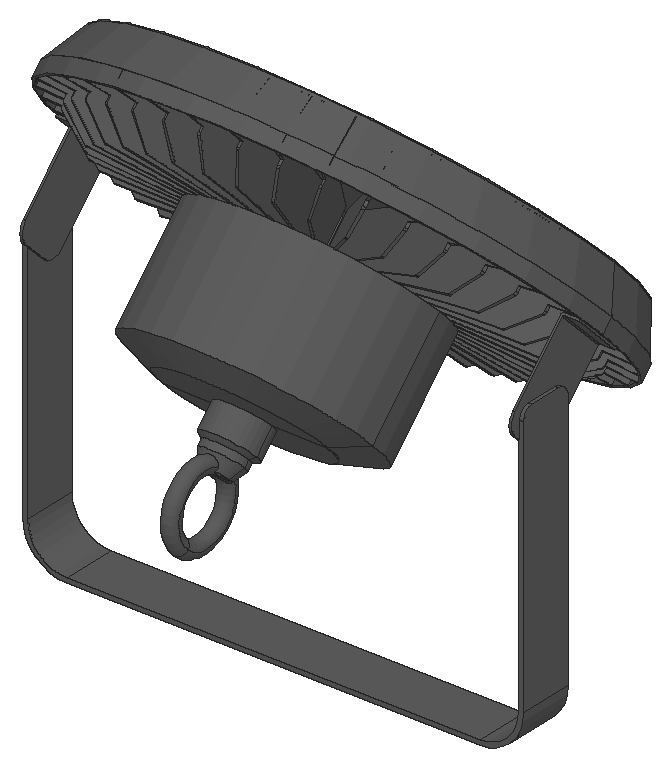
Revit family "0039349+0039355 Feilo Sylvania Lighting Fixture START HIGHBAY 4K 26KLM WIDE with BRACKET", category Lighting Fixtures, host Face, Revit 2017 (continued)
Definition of nested family "Start LED Highbay Head"
  Dimensions and locks
    "EyeInner_FEILO": plane 36 to plane 37
    equal spacing: plane 38, plane 3 "Center (Left/Right)", plane 39
    "EyeThickness_FEILO": plane 38 to plane 39
    "EyeThickness_FEILO": plane 37 to plane 40
    equal spacing: plane 37, plane 41, plane 40
    equal spacing: plane 6, plane 42, plane 18
    "ThicknessBracket_FEILO": plane 45 to plane 6
    "ThicknessBracket_FEILO": plane 8 to plane 44
    locked: plane 43 to plane 18 at 1
    equal spacing: plane 24, plane 46, plane 26
    equal spacing: plane 47, plane 1 "Center (Front/Back)", plane 48
    "WidthBracket_FEILO": plane 47 to plane 48
    "WidthRingChamfer_FEILO": plane 50 to plane 49
    "ThicknessWall_FEILO": plane 51 to plane 49
    equal spacing: plane 50, plane 52, plane 51
    "ThicknessBracket_FEILO": plane 54 to plane 50
    locked: plane 53 to plane 51 at 1
    "Radius_FEILO": plane 49 to plane 3 "Center (Left/Right)"
    "ShadeRadiusOut_FEILO": plane 3 "Center (Left/Right)" to plane 55
    "ShadeHeight_FEILO": plane 56 to plane 4
    "ShadeRadiusIn_FEILO": plane 3 "Center (Left/Right)" to plane 57
    locked: plane 58 to plane 57 at 8
    "ShadeThickness_FEILO": plane 60 to plane 4
    "ShadeThickness_FEILO": plane 59 to plane 55
    "EyeThicknessHalf_FEILO": radius of curve 8
    "ThicknessBracket_FEILO": radius of Extrusion 7 sketch curve  (x2)
    "ThicknessBracketHalf_FEILO": radius of Extrusion 7 sketch curve  (x2)
    "ShadeRadiusBend_FEILO": radius of curve 9
    aligned and locked: plane 2 to Extrusion 1
    aligned and locked: level to Extrusion 1
    aligned and locked: plane 5 to curve 1
    aligned and locked: plane 6 to curve 1
    aligned and locked: plane 7 to curve 1
    aligned and locked: plane 10 to curve 2
    aligned and locked: plane 9 to curve 3
    aligned and locked: plane 4 to curve 3
    aligned and locked: plane 11 to curve 3
    aligned and locked: plane 4 to curve 4
    aligned and locked: plane 18 to curve 5
    aligned and locked: plane 10 to curve 5
    aligned and locked: Revolve 2 sketch curve to plane 3 "Center (Left/Right)"
    aligned and locked: Revolve 2 sketch curve to curve 3
    aligned and locked: Revolve 2 sketch curve to curve 1
    aligned and locked: plane 4 to Revolve 2 sketch curve
    aligned and locked: plane 9 to Revolve 2 sketch curve
    aligned and locked: Revolve 2 sketch curve to plane 13
    aligned and locked: Revolve 2 sketch curve to plane 10
    aligned and locked: plane 13 to Revolve 2 sketch curve
    aligned and locked: plane 10 to Revolve 2 sketch curve
    aligned and locked: Revolve 2 sketch curve to plane 18
    aligned and locked: Revolve 2 sketch curve to plane 8
    aligned and locked: plane 5 to Revolve 2 sketch curve  (x2)
    aligned and locked: Revolve 3 sketch curve to plane 3 "Center (Left/Right)"
    aligned and locked: plane 11 to Revolve 3 sketch curve
    aligned and locked: Revolve 3 sketch curve to curve 2
    aligned and locked: plane 15 to Revolve 3 sketch curve
    aligned and locked: Revolve 3 sketch curve to plane 16
    aligned and locked: plane 17 to Revolve 3 sketch curve  (x2)
    aligned and locked: Revolve 3 sketch curve to plane 12
    aligned and locked: plane 7 to Revolve 3 sketch curve
    aligned and locked: Revolve 4 sketch curve to plane 3 "Center (Left/Right)"
    aligned and locked: Revolve 4 sketch curve to plane 14
    aligned and locked: plane 3 "Center (Left/Right)" to Revolve 4 sketch curve
    aligned and locked: Revolve 4 sketch curve to plane 12
    aligned and locked: plane 15 to Revolve 4 sketch curve
    aligned and locked: Revolve 2 sketch curve to curve 5
    aligned and locked: plane 22 to curve 6
    aligned and locked: plane 21 to curve 6
    aligned and locked: plane 20 to curve 6
    aligned and locked: plane 19 to curve 6
    aligned and locked: plane 33 to curve 7
    aligned and locked: plane 32 to curve 7
    aligned and locked: plane 35 to curve 7
    aligned and locked: plane 34 to curve 7
    aligned and locked: Revolve 5 sketch curve to plane 3 "Center (Left/Right)"
    aligned and locked: Revolve 5 sketch curve to plane 25
    aligned and locked: plane 27 to Revolve 5 sketch curve
    aligned and locked: plane 28 to Revolve 5 sketch curve
    aligned and locked: plane 30 to Revolve 5 sketch curve
    aligned and locked: Revolve 5 sketch curve to plane 29
    aligned and locked: plane 31 to Revolve 5 sketch curve
    aligned and locked: Revolve 5 sketch curve to curve 7
    aligned and locked: Revolve 5 sketch curve to plane 32
    aligned and locked: plane 34 to Revolve 5 sketch curve
    aligned and locked: plane 3 "Center (Left/Right)" to Revolve 5 sketch curve
    aligned and locked: plane 3 "Center (Left/Right)" to curve 8
    aligned and locked: plane 41 to curve 8
    aligned and locked: Revolve 6 sketch curve to plane 36
    aligned and locked: Revolve 6 sketch curve to curve 8
    aligned and locked: plane 43 to Extrusion 7 sketch curve  (x2)
    aligned and locked: plane 8 to Extrusion 7 sketch curve  (x3)
    aligned and locked: Extrusion 7 sketch curve to plane 45
    aligned and locked: Extrusion 7 sketch curve to plane 46  (x2)
    aligned and locked: plane 6 to Extrusion 7 sketch curve
    aligned and locked: Extrusion 7 sketch curve to plane 44  (x2)
    aligned and locked: Extrusion 7 to plane 48
    aligned and locked: plane 47 to Extrusion 7
    aligned and locked: plane 53 to Extrusion 7 sketch curve
    aligned and locked: plane 50 to Extrusion 7 sketch curve
    aligned and locked: Extrusion 7 sketch curve to plane 54
    aligned and locked: Extrusion 8 sketch curve to Extrusion 8 sketch curve
    aligned and locked: Extrusion 8 to plane 6
    aligned and locked: Extrusion 8 to Extrusion 7
    aligned and locked: Revolve 5 sketch curve to plane 22
    aligned and locked: plane 23 to nested 1
    aligned and locked: plane 1 "Center (Front/Back)" to nested 1
    aligned and locked: Revolve 9 sketch curve to plane 3 "Center (Left/Right)"
    aligned and locked: Revolve 9 sketch curve to plane 4
    aligned and locked: plane 6 to Revolve 9 sketch curve
    aligned and locked: plane 4 to Revolve 9 sketch curve
    aligned and locked: plane 7 to Revolve 9 sketch curve
    aligned and locked: Revolve 9 sketch curve to plane 5
    aligned and locked: plane 8 to Revolve 9 sketch curve  (x2)
    aligned and locked: Revolve 9 sketch curve to plane 19
    aligned and locked: plane 20 to Revolve 9 sketch curve
    aligned and locked: plane 19 to Revolve 9 sketch curve
    aligned and locked: plane 21 to Revolve 9 sketch curve
    aligned and locked: plane 22 to Revolve 9 sketch curve  (x2)
    aligned and locked: Revolve 9 sketch curve to Revolve 9 sketch curve
    aligned and locked: imposter light to plane 4
    aligned and locked: plane 3 "Center (Left/Right)" to imposter light
    aligned and locked: imposter light to plane 1 "Center (Front/Back)"
    aligned and locked: plane 55 to curve 9
    aligned and locked: plane 56 to curve 9
    aligned and locked: plane 57 to curve 9
    aligned and locked: plane 4 to curve 9
    aligned and locked: Revolve 10 sketch curve to curve 9
    aligned and locked: plane 58 to Revolve 10 sketch curve
    aligned and locked: plane 57 to Revolve 10 sketch curve
    aligned and locked: plane 56 to Revolve 10 sketch curve  (x2)
    aligned and locked: Revolve 10 sketch curve to plane 58
    aligned and locked: plane 60 to Revolve 10 sketch curve
  Automatic sketch dimensions
    Extrusion 1 sketch curve to Extrusion 1 sketch curve = 2438.4 mm  (x2)
    Revolve 2 sketch curve to plane 6 = 0.299 mm
    plane 6 to Revolve 2 sketch curve = 0.459 mm
    Revolve 2 sketch curve to level = 609.6 mm
    Revolve 2 sketch curve to Revolve 2 sketch curve = 2312.223 mm
    Revolve 3 sketch curve to plane 12 = 0 mm
    Revolve 3 sketch curve to plane 3 "Center (Left/Right)" = 0 mm
    Revolve 3 sketch curve to level = 609.6 mm
    Revolve 3 sketch curve to plane 4 = 2339.058 mm
    Revolve 4 sketch curve to level = 609.6 mm
    Revolve 4 sketch curve to plane 4 = 2339.058 mm
    Revolve 6 sketch curve to plane 5 = 1080 mm
    plane 38 to Revolve 6 sketch curve = 1219.2 mm
    Extrusion 8 sketch curve to plane 47 = 0 mm
    plane 46 to Extrusion 8 sketch curve = 0 mm  (x2)
    Extrusion 8 sketch curve to plane 48 = 0 mm
    plane 47 to Extrusion 8 sketch curve = 5 mm
    plane 1 "Center (Front/Back)" to Extrusion 8 sketch curve = 10 mm
    Extrusion 8 sketch curve to Extrusion 8 sketch curve = 10 mm
    plane 46 to Extrusion 8 sketch curve = 5 mm
    Extrusion 8 sketch curve to Extrusion 8 sketch curve = 5 mm
    Extrusion 8 sketch curve to plane 48 = 5 mm
    Revolve 5 sketch curve to plane 26 = 0 mm
    Revolve 5 sketch curve to plane 35 = 0.437 mm
    plane 35 to Revolve 5 sketch curve = 0.847 mm
    Revolve 5 sketch curve to plane 34 = 0.726 mm
    plane 40 to Revolve 5 sketch curve = 590.2 mm
    Revolve 5 sketch curve to plane 4 = 2339.058 mm
    Revolve 9 sketch curve to level = 609.6 mm
    Revolve 9 sketch curve to Revolve 9 sketch curve = 2386.058 mm
    curve 2 to plane 3 "Center (Left/Right)" = 0 mm
    Revolve 10 sketch curve to Revolve 10 sketch curve = 0 mm  (x2)
    Revolve 10 sketch curve to plane 3 "Center (Left/Right)" = 0 mm
    plane 57 to Revolve 10 sketch curve = 0.659 mm
    Revolve 10 sketch curve to level = 609.6 mm
    Revolve 10 sketch curve to Revolve 10 sketch curve = 2068.248 mm
  Nested families
    nested 1: "Start Highbay Rib" at (0, 0, 67.775), type "Type Name", detail levels medium+fine
      with SuspensionHeight_FEILO 2.6 mm
    nested 2: "Start Highbay Rib" at (0, 0, 67.775) x (0.9877, 0.1564, 0) z (0, 0, 1), type "Type Name", detail levels medium+fine
      with SuspensionHeight_FEILO 2.6 mm
    nested 3: "Start Highbay Rib" at (0, 0, 67.775) x (0.9511, 0.309, 0) z (0, 0, 1), type "Type Name", detail levels medium+fine
      with SuspensionHeight_FEILO 2.6 mm
    nested 4: "Start Highbay Rib" at (0, 0, 67.775) x (0.891, 0.454, 0) z (0, 0, 1), type "Type Name", detail levels medium+fine
      with SuspensionHeight_FEILO 2.6 mm
    nested 5: "Start Highbay Rib" at (0, 0, 67.775) x (0.809, 0.5878, 0) z (0, 0, 1), type "Type Name", detail levels medium+fine
      with SuspensionHeight_FEILO 2.6 mm
    nested 6: "Start Highbay Rib" at (0, 0, 67.775) x (0.7071, 0.7071, 0) z (0, 0, 1), type "Type Name", detail levels medium+fine
      with SuspensionHeight_FEILO 2.6 mm
    nested 7: "Start Highbay Rib" at (0, 0, 67.775) x (0.5878, 0.809, 0) z (0, 0, 1), type "Type Name", detail levels medium+fine
      with SuspensionHeight_FEILO 2.6 mm
    nested 8: "Start Highbay Rib" at (0, 0, 67.775) x (0.454, 0.891, 0) z (0, 0, 1), type "Type Name", detail levels medium+fine
      with SuspensionHeight_FEILO 2.6 mm
    nested 9: "Start Highbay Rib" at (0, 0, 67.775) x (0.309, 0.9511, 0) z (0, 0, 1), type "Type Name", detail levels medium+fine
      with SuspensionHeight_FEILO 2.6 mm
    nested 10: "Start Highbay Rib" at (0, 0, 67.775) x (0.1564, 0.9877, 0) z (0, 0, 1), type "Type Name", detail levels medium+fine
      with SuspensionHeight_FEILO 2.6 mm
    nested 11: "Start Highbay Rib" at (0, 0, 67.775) x (0, 1, 0) z (0, 0, 1), type "Type Name", detail levels medium+fine
      with SuspensionHeight_FEILO 2.6 mm
    nested 12: "Start Highbay Rib" at (0, 0, 67.775) x (-0.1564, 0.9877, 0) z (0, 0, 1), type "Type Name", detail levels medium+fine
      with SuspensionHeight_FEILO 2.6 mm
    nested 13: "Start Highbay Rib" at (0, 0, 67.775) x (-0.309, 0.9511, 0) z (0, 0, 1), type "Type Name", detail levels medium+fine
      with SuspensionHeight_FEILO 2.6 mm
    nested 14: "Start Highbay Rib" at (0, 0, 67.775) x (-0.454, 0.891, 0) z (0, 0, 1), type "Type Name", detail levels medium+fine
      with SuspensionHeight_FEILO 2.6 mm
    nested 15: "Start Highbay Rib" at (0, 0, 67.775) x (-0.5878, 0.809, 0) z (0, 0, 1), type "Type Name", detail levels medium+fine
      with SuspensionHeight_FEILO 2.6 mm
    nested 16: "Start Highbay Rib" at (0, 0, 67.775) x (-0.7071, 0.7071, 0) z (0, 0, 1), type "Type Name", detail levels medium+fine
      with SuspensionHeight_FEILO 2.6 mm
    nested 17: "Start Highbay Rib" at (0, 0, 67.775) x (-0.809, 0.5878, 0) z (0, 0, 1), type "Type Name", detail levels medium+fine
      with SuspensionHeight_FEILO 2.6 mm
    nested 18: "Start Highbay Rib" at (0, 0, 67.775) x (-0.891, 0.454, 0) z (0, 0, 1), type "Type Name", detail levels medium+fine
      with SuspensionHeight_FEILO 2.6 mm
    nested 19: "Start Highbay Rib" at (0, 0, 67.775) x (-0.9511, 0.309, 0) z (0, 0, 1), type "Type Name", detail levels medium+fine
      with SuspensionHeight_FEILO 2.6 mm
    nested 20: "Start Highbay Rib" at (0, 0, 67.775) x (-0.9877, 0.1564, 0) z (0, 0, 1), type "Type Name", detail levels medium+fine
      with SuspensionHeight_FEILO 2.6 mm
    nested 21: "Start Highbay Rib" at (0, 0, 67.775) x (-1, 0, 0) z (0, 0, 1), type "Type Name", detail levels medium+fine
      with SuspensionHeight_FEILO 2.6 mm
    nested 22: "Start Highbay Rib" at (0, 0, 67.775) x (-0.9877, -0.1564, 0) z (0, 0, 1), type "Type Name", detail levels medium+fine
      with SuspensionHeight_FEILO 2.6 mm
    nested 23: "Start Highbay Rib" at (0, 0, 67.775) x (-0.9511, -0.309, 0) z (0, 0, 1), type "Type Name", detail levels medium+fine
      with SuspensionHeight_FEILO 2.6 mm
    nested 24: "Start Highbay Rib" at (0, 0, 67.775) x (-0.891, -0.454, 0) z (0, 0, 1), type "Type Name", detail levels medium+fine
      with SuspensionHeight_FEILO 2.6 mm
    nested 25: "Start Highbay Rib" at (0, 0, 67.775) x (-0.809, -0.5878, 0) z (0, 0, 1), type "Type Name", detail levels medium+fine
      with SuspensionHeight_FEILO 2.6 mm
    nested 26: "Start Highbay Rib" at (0, 0, 67.775) x (-0.7071, -0.7071, 0) z (0, 0, 1), type "Type Name", detail levels medium+fine
      with SuspensionHeight_FEILO 2.6 mm
    nested 27: "Start Highbay Rib" at (0, 0, 67.775) x (-0.5878, -0.809, 0) z (0, 0, 1), type "Type Name", detail levels medium+fine
      with SuspensionHeight_FEILO 2.6 mm
    nested 28: "Start Highbay Rib" at (0, 0, 67.775) x (-0.454, -0.891, 0) z (0, 0, 1), type "Type Name", detail levels medium+fine
      with SuspensionHeight_FEILO 2.6 mm
    nested 29: "Start Highbay Rib" at (0, 0, 67.775) x (-0.309, -0.9511, 0) z (0, 0, 1), type "Type Name", detail levels medium+fine
      with SuspensionHeight_FEILO 2.6 mm
    nested 30: "Start Highbay Rib" at (0, 0, 67.775) x (-0.1564, -0.9877, 0) z (0, 0, 1), type "Type Name", detail levels medium+fine
      with SuspensionHeight_FEILO 2.6 mm
    nested 31: "Start Highbay Rib" at (0, 0, 67.775) x (0, -1, 0) z (0, 0, 1), type "Type Name", detail levels medium+fine
      with SuspensionHeight_FEILO 2.6 mm
    nested 32: "Start Highbay Rib" at (0, 0, 67.775) x (0.1564, -0.9877, 0) z (0, 0, 1), type "Type Name", detail levels medium+fine
      with SuspensionHeight_FEILO 2.6 mm
    nested 33: "Start Highbay Rib" at (0, 0, 67.775) x (0.309, -0.9511, 0) z (0, 0, 1), type "Type Name", detail levels medium+fine
      with SuspensionHeight_FEILO 2.6 mm
    nested 34: "Start Highbay Rib" at (0, 0, 67.775) x (0.454, -0.891, 0) z (0, 0, 1), type "Type Name", detail levels medium+fine
      with SuspensionHeight_FEILO 2.6 mm
    nested 35: "Start Highbay Rib" at (0, 0, 67.775) x (0.5878, -0.809, 0) z (0, 0, 1), type "Type Name", detail levels medium+fine
      with SuspensionHeight_FEILO 2.6 mm
    nested 36: "Start Highbay Rib" at (0, 0, 67.775) x (0.7071, -0.7071, 0) z (0, 0, 1), type "Type Name", detail levels medium+fine
      with SuspensionHeight_FEILO 2.6 mm
    nested 37: "Start Highbay Rib" at (0, 0, 67.775) x (0.809, -0.5878, 0) z (0, 0, 1), type "Type Name", detail levels medium+fine
      with SuspensionHeight_FEILO 2.6 mm
    nested 38: "Start Highbay Rib" at (0, 0, 67.775) x (0.891, -0.454, 0) z (0, 0, 1), type "Type Name", detail levels medium+fine
      with SuspensionHeight_FEILO 2.6 mm
    nested 39: "Start Highbay Rib" at (0, 0, 67.775) x (0.9511, -0.309, 0) z (0, 0, 1), type "Type Name", detail levels medium+fine
      with SuspensionHeight_FEILO 2.6 mm
    nested 40: "Start Highbay Rib" at (0, 0, 67.775) x (0.9877, -0.1564, 0) z (0, 0, 1), type "Type Name", detail levels medium+fine
      with SuspensionHeight_FEILO 2.6 mm
  Definition of nested family "Start Highbay Rib"
    Parameters (values of type "Type Name")
      WidthStraight_FEILO = if(SizeS_FEILO, 3 mm, if(SizeM_FEILO, 4 mm, 4.7 mm))  # 3 mm
      WidthRingChamfer_FEILO = if(SizeS_FEILO, 10.3 mm, if(SizeM_FEILO, 11.2 mm, 12.9 mm))  # 10.3 mm
      WidthCurved_FEILO = if(SizeS_FEILO, 17.4 mm, if(SizeM_FEILO, 16.4 mm, 26.2 mm))  # 17.4 mm
      WidthCurvedRing_FEILO = if(SizeS_FEILO, 3 mm, if(SizeM_FEILO, 4 mm, 4.7 mm))  # 3 mm
      WidthBracket_FEILO = 40 mm
      URL = "http://www.feilosylvania.com"
      Type Image = (empty or 0)
      Type Comments = "n/a"
      ThicknessWall_FEILO = 1.5 mm
      ThicknessBracket_FEILO = 1.5 mm
      ThicknessBracketHalf_FEILO = ThicknessBracket_FEILO / 2  # 0.75 mm
      SuspensionHeight_FEILO [instance] = 2.6 mm
      SizeS_FEILO = yes
      SizeM_FEILO = no
      Rib4_FEILO = if(SizeS_FEILO, 18.1 mm, if(SizeM_FEILO, 13.6 mm, 14.6 mm))  # 18.1 mm
      Rib3_FEILO = if(SizeS_FEILO, 15.3 mm, if(SizeM_FEILO, 17.6 mm, 20.2 mm))  # 15.3 mm
      Rib2_FEILO = if(SizeS_FEILO, 3.6 mm, if(SizeM_FEILO, 3.9 mm, 4.5 mm))  # 3.6 mm
      Rib1_FEILO = if(SizeS_FEILO, 15.1 mm, if(SizeM_FEILO, 16.5 mm, 19 mm))  # 15.1 mm
      RadiusRib_FEILO = 2 mm
      RadiusDiffuser_FEILO = if(SizeS_FEILO, 95.2 mm, if(SizeM_FEILO, 105.3 mm, 120 mm))  # 95.2 mm
      RHRadius3_FEILO = if(SizeS_FEILO, 6.6 mm, if(SizeM_FEILO, 7.4 mm, 8.6 mm))  # 6.6 mm
      RHRadius2_FEILO = if(SizeS_FEILO, 11 mm, if(SizeM_FEILO, 12 mm, 14 mm))  # 11 mm
      RHRadius1_FEILO = if(SizeS_FEILO, 13.6 mm, if(SizeM_FEILO, 14.9 mm, 17.7 mm))  # 13.6 mm
      RHHeight4_FEILO = if(SizeS_FEILO, 7.3 mm, if(SizeM_FEILO, 8 mm, 9.2 mm))  # 7.3 mm
      RHHeight3_FEILO = if(SizeS_FEILO, 3.6 mm, if(SizeM_FEILO, 3.7 mm, 4.6 mm))  # 3.6 mm
      RHHeight2_FEILO = if(SizeS_FEILO, 2 mm, if(SizeM_FEILO, 2.2 mm, 2.6 mm))  # 2 mm
      RHHeight1_FEILO = if(SizeS_FEILO, 11.8 mm, if(SizeM_FEILO, 15.3 mm, 17.4 mm))  # 11.8 mm
      Material_3_FEILO = none
      Model = ""
      Manufacturer = "Feilo Sylvania"
      Keynote = "16500"
      HeightRing_FEILO = if(SizeS_FEILO, 19.8 mm, if(SizeM_FEILO, 32 mm, 36.8 mm))  # 19.8 mm
      HeightRingChamfer_FEILO = if(SizeS_FEILO, 11.7 mm, if(SizeM_FEILO, 23.2 mm, 26.6 mm))  # 11.7 mm
      EyeThickness_FEILO = if(SizeS_FEILO, 8.4 mm, if(SizeM_FEILO, 9.2 mm, 10.5 mm))  # 8.4 mm
      EyeThicknessHalf_FEILO = EyeThickness_FEILO / 2  # 4.2 mm
      EyeInner_FEILO = if(SizeS_FEILO, 13.8 mm, if(SizeM_FEILO, 15.1 mm, 17.3 mm))  # 13.8 mm
      DriverVerticalStraight_FEILO = if(SizeS_FEILO, 46.5 mm, if(SizeM_FEILO, 49.7 mm, 57 mm))  # 46.5 mm
      DriverVerticalChamfer_FEILO = if(SizeS_FEILO, 7.5 mm, if(SizeM_FEILO, 8.2 mm, 9.5 mm))  # 7.5 mm
      DriverRadius_FEILO = if(SizeS_FEILO, 61.4 mm, if(SizeM_FEILO, 67.2 mm, 76.4 mm))  # 61.4 mm
      DriverRadiusTop_FEILO = if(SizeS_FEILO, 42 mm, if(SizeM_FEILO, 45.3 mm, 52.4 mm))  # 42 mm
      DriverBottom_FEILO = if(SizeS_FEILO, 56 mm, if(SizeM_FEILO, 64.5 mm, 74 mm))  # 56 mm
      Material_2_FEILO = none
      Radius_FEILO = if(SizeS_FEILO, 135 mm, if(SizeM_FEILO, 148 mm, 169.5 mm))  # 135 mm
      Description = ""
      Default Elevation = 1219.2 mm
      Cost = 0
      Material_1_FEILO = none
      Assembly Code = "D5020200"
      Material_4_FEILO = none
    Reference planes
      plane 1 "Center (Front/Back)": y = 0
      plane 2: z = 0
      plane 3 "Center (Left/Right)": x = 0
      plane 4: z = 2.6
      plane 5: x = -135
      plane 6: x = -124.7
      plane 7: z = -9.1
      plane 8: z = -17.2
      plane 9: x = -121.7
      plane 10: z = -0.025
      plane 11: x = -104.3
      plane 12: x = -95.2
      plane 13: x = -118.7
      plane 14: z = 0.975
      plane 15: z = -1.025
      plane 16: x = -92.2
      plane 17: z = -2.025
      plane 18: x = -133.5
      plane 19: x = -119.9
      plane 20: z = -20.8
      plane 21: x = -104.6
      plane 22: z = -38.9
      plane 23: x = -20
      plane 24: z = -53.4
      plane 25: x = -61.4
      plane 26: z = -99.9
      plane 27: x = -42
      plane 28: z = -107.4
      plane 29: x = -13.6
      plane 30: z = -119.2
      plane 31: z = -121.2
      plane 32: x = -11
      plane 33: z = -124.8
      plane 34: z = -132.1
      plane 35: x = -6.6
      plane 36: z = -145.9
      plane 37: z = -159.7
      plane 38: x = 4.2
      plane 39: x = -4.2
      plane 40: z = -168.1
      plane 41: z = -163.9
      plane 42: x = -129.1
      plane 43: x = -132.5
      plane 44: z = -18.7
      plane 45: x = -123.2
      plane 46: z = -76.65
      plane 47: y = -20
      plane 48: y = 20
      plane 49: x = 135
      plane 50: x = 124.7
      plane 51: x = 133.5
      plane 52: x = 129.1
      plane 53: x = 132.5
      plane 54: x = 123.2
      plane 55: y = 0.75
      plane 56: y = -0.75
    Forms (mm)
      Extrusion 1, solid
        sketch origin (4.2, 0, 0) x (1, 0, 0) y (0, 1, 0)
          loop
            line (-1219.2, 1219.2) -> (-1219.2, -1219.2) -> (1219.2, -1219.2) -> (1219.2, 1219.2) -> (-1219.2, 1219.2)
        from 0 to -68.017
      Extrusion 2, solid, material <- "Material_1_FEILO"
        sketch origin (0, 0, 0) x (1, 0, 0) y (0, 0, 1)
          loop
            arc (-104.3, -0.025) -> (-111.555, 0.423) -> (-118.7, 1.76) r 58.981
            line (-118.7, 1.76) -> (-118.7, -0.025) -> (-125.012, -0.025) -> (-133.5, -9.666) -> (-133.5, -17.2) -> (-119.9, -17.2) -> (-119.9, -20.068)
            arc (-119.9, -20.068) -> (-119.778, -20.755) -> (-119.427, -21.359) r 2
            line (-119.427, -21.359) -> (-104.966, -38.467)
            arc (-104.966, -38.467) -> (-104.381, -38.789) -> (-103.723, -38.9) r 2
            line (-103.723, -38.9) -> (-20, -38.9) -> (-20, -9.1) -> (-95.2, -9.1) -> (-95.2, -2.025) -> (-104.3, -2.025) -> (-104.3, -0.025)
        from -0.75 to 0.75
    Lines and regions (mm)
      reference lines
        curve 1: line (-135, 0, -9.1) -> (-124.7, 0, 2.6)
        curve 2: line (-104.3, 0, -0.025) -> (0, 0, -0.025)
        curve 3: arc (-104.3, 0, -0.025) -> (-113.098, 0, 0.635) -> (-121.7, 0, 2.6) r 58.981
        curve 4: line (-124.7, 0, 2.6) -> (-121.7, 0, 2.6)
        curve 5: line (-125.012, 0, -0.025) -> (-133.5, 0, -9.666)
        curve 6: line (-119.9, 0, -20.8) -> (-104.6, 0, -38.9)
    Dimensions and locks
      "Radius_FEILO": plane 3 "Center (Left/Right)" to plane 5
      "WidthRingChamfer_FEILO": plane 6 to plane 5
      "WidthStraight_FEILO": plane 9 to plane 6
      "WidthCurvedRing_FEILO": plane 13 to plane 9
      locked: plane 10 to plane 15 at 1
      locked: plane 14 to plane 10 at 1
      locked: plane 4 to plane 10 at 2.625
      locked: plane 15 to plane 17 at 1
      "ThicknessWall_FEILO": plane 18 to plane 5
      "ThicknessWall_FEILO": curve 5 to curve 1
      "HeightRingChamfer_FEILO": plane 4 to plane 7
      "HeightRing_FEILO": plane 4 to plane 8
      "RadiusDiffuser_FEILO": plane 3 "Center (Left/Right)" to plane 12
      locked: plane 16 to plane 12 at 3
      "WidthCurved_FEILO": plane 11 to plane 9
      "SuspensionHeight_FEILO": plane 4 to plane 2
      "Rib1_FEILO": plane 19 to plane 5
      "Rib2_FEILO": plane 8 to plane 20
      "Rib3_FEILO": plane 21 to plane 19
      "Rib4_FEILO": plane 20 to plane 22
      locked: plane 3 "Center (Left/Right)" to plane 23 at 20
      "DriverBottom_FEILO": plane 4 to plane 24
      "DriverRadius_FEILO": plane 3 "Center (Left/Right)" to plane 25
      "DriverVerticalStraight_FEILO": plane 24 to plane 26
      "DriverRadiusTop_FEILO": plane 3 "Center (Left/Right)" to plane 27
      "DriverVerticalChamfer_FEILO": plane 26 to plane 28
      "RHRadius1_FEILO": plane 3 "Center (Left/Right)" to plane 29
      "RHHeight2_FEILO": plane 30 to plane 31
      "RHRadius2_FEILO": plane 3 "Center (Left/Right)" to plane 32
      "RHHeight3_FEILO": plane 31 to plane 33
      "RHHeight4_FEILO": plane 33 to plane 34
      "RHRadius3_FEILO": plane 3 "Center (Left/Right)" to plane 35
      "RHHeight1_FEILO": plane 28 to plane 30
      "EyeInner_FEILO": plane 34 to plane 36
      "EyeInner_FEILO": plane 36 to plane 37
      equal spacing: plane 38, plane 3 "Center (Left/Right)", plane 39
      "EyeThickness_FEILO": plane 38 to plane 39
      "EyeThickness_FEILO": plane 37 to plane 40
      equal spacing: plane 37, plane 41, plane 40
      equal spacing: plane 6, plane 42, plane 18
      "ThicknessBracket_FEILO": plane 45 to plane 6
      "ThicknessBracket_FEILO": plane 8 to plane 44
      locked: plane 43 to plane 18 at 1
      equal spacing: plane 24, plane 46, plane 26
      equal spacing: plane 47, plane 1 "Center (Front/Back)", plane 48
      "WidthBracket_FEILO": plane 47 to plane 48
      "WidthRingChamfer_FEILO": plane 50 to plane 49
      "ThicknessWall_FEILO": plane 51 to plane 49
      equal spacing: plane 50, plane 52, plane 51
      "ThicknessBracket_FEILO": plane 54 to plane 50
      locked: plane 53 to plane 51 at 1
      "Radius_FEILO": plane 49 to plane 3 "Center (Left/Right)"
      equal spacing: plane 56, plane 1 "Center (Front/Back)", plane 55
      "ThicknessWall_FEILO": plane 56 to plane 55
      "RadiusRib_FEILO": radius of Extrusion 2 sketch curve  (x2)
      aligned and locked: plane 2 to Extrusion 1
      aligned and locked: level to Extrusion 1
      aligned and locked: plane 5 to curve 1
      aligned and locked: plane 6 to curve 1
      aligned and locked: plane 7 to curve 1
      aligned and locked: plane 10 to curve 2
      aligned and locked: plane 9 to curve 3
      aligned and locked: plane 4 to curve 3
      aligned and locked: plane 11 to curve 3
      aligned and locked: plane 4 to curve 4
      aligned and locked: plane 18 to curve 5
      aligned and locked: plane 10 to curve 5
      aligned and locked: plane 22 to curve 6
      aligned and locked: plane 21 to curve 6
      aligned and locked: plane 20 to curve 6
      aligned and locked: plane 19 to curve 6
      aligned and locked: Extrusion 2 sketch curve to plane 23
      aligned and locked: Extrusion 2 sketch curve to plane 22
      aligned and locked: Extrusion 2 sketch curve to curve 6
      aligned and locked: plane 19 to Extrusion 2 sketch curve
      aligned and locked: Extrusion 2 sketch curve to plane 8
      aligned and locked: Extrusion 2 sketch curve to curve 5
      aligned and locked: Extrusion 2 sketch curve to curve 3
      aligned and locked: Extrusion 2 to plane 55
      aligned and locked: plane 56 to Extrusion 2
      aligned and locked: curve 6 to Extrusion 2 sketch curve
    Automatic sketch dimensions
      Extrusion 1 sketch curve to Extrusion 1 sketch curve = 2438.4 mm  (x2)
      curve 2 to plane 3 "Center (Left/Right)" = 0 mm
      Extrusion 2 sketch curve to plane 18 = 0 mm
      Extrusion 2 sketch curve to plane 10 = 0 mm
      Extrusion 2 sketch curve to plane 13 = 0 mm
      Extrusion 2 sketch curve to plane 7 = 0 mm
      Extrusion 2 sketch curve to plane 12 = 0 mm
      Extrusion 2 sketch curve to plane 17 = 0 mm
      plane 19 to Extrusion 2 sketch curve = 0.473 mm
      Extrusion 2 sketch curve to plane 21 = 0.366 mm
